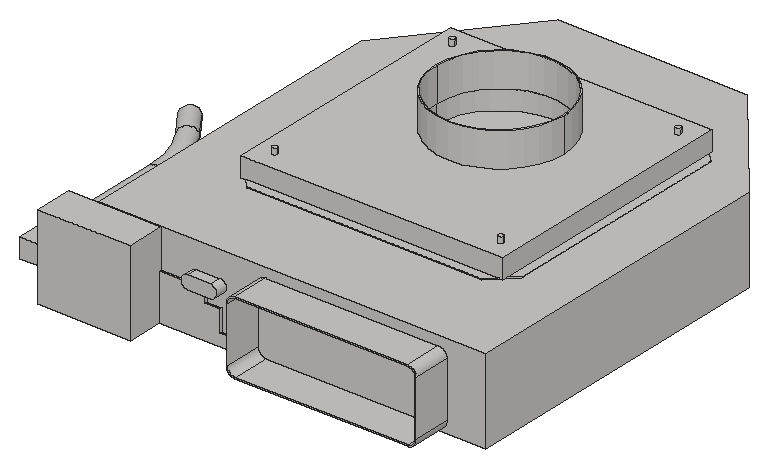
Revit family "AR403722", category Generic Models, Revit 2015
Parameters (values of type "AR403722")
  Width = 451 mm
  URL = "http://www.gaggenau.com."
  Model = "AR403722"
  Manufacturer = "Gaggenau"
  Height = 99 mm
  Unit = Metal Panel
  Description = "Gaggenau Inline blower 400 and 200 series Metal housing 562 CFM Air extraction"
  Depth = 383 mm
Reference planes
  plane 1 "Center (Front/Back)": y = 0
  plane 2: z = 0
  plane 3 "Center (Left/Right)": x = 0
  plane 4: x = -225.5
  plane 5: x = 225.5
  plane 6: z = 99
  plane 7: y = 191.5
  plane 8: y = -191.5
  plane 9: y = 333.5
  plane 10: y = -236.5
  plane 11: z = 122
  plane 12: x = -152.5
  plane 13: x = 152.5
  plane 14: y = 77.384
  plane 15: y = 229.884
  plane 16: y = -75.116
  plane 17: z = 162
  plane 18: z = 128
  plane 19: z = 0
  plane 20: z = 88
  plane 21: x = -284.5
  plane 22: x = 180.5
  plane 23: x = -40.5
  plane 24: z = 3
  plane 25: y = 111.5
Forms (mm)
  Extrusion 1, solid, material "Metal Panel" <- "Unit"
    sketch origin (0, 0, 0) x (1, 0, 0) y (0, 1, 0)
      loop
        line (-225.5, 191.5) -> (-225.5, -191.5) -> (225.5, -191.5) -> (225.5, 191.5) -> (110.511, 333.5) -> (-110.511, 333.5) -> (-225.5, 191.5)
    from 0 to 99
  Extrusion 2, solid, material "Metal Panel" <- "Unit"
    sketch origin (0, 0, 0) x (1, 0, 0) y (0, 1, 0)
      loop
        line (-152.5, 229.884) -> (-152.5, -75.116) -> (152.5, -75.116) -> (152.5, 229.884) -> (-152.5, 229.884)
      loop
        circle (0, 111.5) r 75
    from 99 to 122
  Extrusion 3, solid, material "Metal Panel" <- "Unit"
    sketch origin (0, 0, 0) x (1, 0, 0) y (0, 1, 0)
      loop
        circle (-131.785, 206.678) r 3
      loop
        circle (131.785, 206.678) r 3
      loop
        circle (-131.785, -51.911) r 3
      loop
        circle (131.785, -51.911) r 3
    from 122 to 128
  Extrusion 4, solid, material "Metal Panel" <- "Unit"
    sketch origin (0, 0, 0) x (1, 0, 0) y (0, 0, 1)
      loop
        arc (-30.5, 88) -> (-37.571, 85.071) -> (-40.5, 78) r 10
        line (-40.5, 78) -> (-40.5, 13)
        arc (-40.5, 13) -> (-37.571, 5.929) -> (-30.5, 3) r 10
        line (-30.5, 3) -> (170.5, 3)
        arc (170.5, 3) -> (177.571, 5.929) -> (180.5, 13) r 10
        line (180.5, 13) -> (180.5, 78)
        arc (180.5, 78) -> (177.571, 85.071) -> (170.5, 88) r 10
        line (170.5, 88) -> (-30.5, 88)
      loop
        arc (-30.5, 87) -> (-36.864, 84.364) -> (-39.5, 78) r 9
        line (-39.5, 78) -> (-39.5, 13)
        arc (-39.5, 13) -> (-36.864, 6.636) -> (-30.5, 4) r 9
        line (-30.5, 4) -> (170.5, 4)
        arc (170.5, 4) -> (176.864, 6.636) -> (179.5, 13) r 9
        line (179.5, 13) -> (179.5, 78)
        arc (179.5, 78) -> (176.864, 84.364) -> (170.5, 87) r 9
        line (170.5, 87) -> (-30.5, 87)
    from 191.5 to 236.5
  Extrusion 5, solid, material "Metal Panel" <- "Unit"
    sketch origin (0, 0, 0) x (1, 0, 0) y (0, 0, 1)
      loop
        line (-260, 99) -> (-260, 0) -> (-152.5, 0) -> (-152.5, 99) -> (-260, 99)
    from 191.5 to 236.5
  Extrusion 6, solid, material "Metal Panel" <- "Unit"
    sketch origin (0, 0, 0) x (1, 0, 0) y (0, 0, 1)
      loop
        arc (-110.797, 68.842) -> (-118.297, 61.342) -> (-110.797, 53.842) r 7.5
        line (-110.797, 53.842) -> (-84.477, 53.842)
        arc (-84.477, 53.842) -> (-76.977, 61.342) -> (-84.477, 68.842) r 7.5
        line (-84.477, 68.842) -> (-110.797, 68.842)
    from 191.5 to 204.87
  Extrusion 7, solid, material "Metal Panel" <- "Unit"
    sketch origin (0, 0, 0) x (1, 0, 0) y (0, 0, 1)
      loop
        line (-152.5, 54) -> (-152.5, 0) -> (-56.854, 0) -> (-56.854, 14) -> (-81.854, 14) -> (-81.854, 39) -> (-99.579, 39) -> (-99.579, 54) -> (-152.5, 54)
    from 191.5 to 194.537
  Sweep 8, solid, material "Metal Panel" <- "Unit"
    path origin (0, 0, 0) x (1, 0, 0) y (0, 1, 0)
      loop
        line (-272.241, -212.911) -> (-272.241, -48.899)
        arc (-272.241, -48.899) -> (-278.258, -9.808) -> (-295.751, 25.666) r 130
        line (-295.751, 25.666) -> (-318.127, 57.622)
    profile origin (-272.241, -130.905, 0) x (-1, 0, 0) y (0, 0, 1)
      loop
        circle (0, 47.75) r 11
  Extrusion 9, solid, material "Metal Panel" <- "Unit"
    sketch origin (0, 0, 0) x (0, 1, 0) y (0, 0, 1)
      loop
        line (-231.283, 59.184) -> (-231.283, 36.415) -> (-191.5, 36.415) -> (-191.5, 59.184) -> (-231.283, 59.184)
    from -260 to -284.949
  Extrusion 10, solid, material "Metal Panel" <- "Unit"
    sketch origin (0, 34.116, 0) x (1, 0, 0) y (0, 1, 0)
      loop
        circle (0, 77.384) r 75
      loop
        circle (0, 77.384) r 74
    from 122 to 162
  Extrusion 11, solid, material "Metal Panel" <- "Unit"
    sketch origin (0, 0, -23) x (1, 0, 0) y (0, 1, 0)
      loop
        line (-147.5, 229.884) -> (147.5, 229.884) -> (136.893, 240.49) -> (-136.893, 240.49) -> (-147.5, 229.884)
      loop
        line (-147.5, -75.116) -> (-136.893, -85.723) -> (136.893, -85.723) -> (147.5, -75.116) -> (-147.5, -75.116)
      loop
        line (-152.5, -70.116) -> (-152.5, 224.884) -> (-163.107, 214.277) -> (-163.107, -59.51) -> (-152.5, -70.116)
      loop
        line (152.5, -70.116) -> (163.107, -59.51) -> (163.107, 214.277) -> (152.5, 224.884) -> (152.5, -70.116)
    from 122 to 122.865
Dimensions and locks
  "Width": plane 4 to plane 5
  equal spacing: plane 4, plane 3 "Center (Left/Right)", plane 5
  "Height": plane 6 to level
  equal spacing: plane 7, plane 1 "Center (Front/Back)", plane 8
  "Depth": plane 7 to plane 8
  plane 7 to plane 8 = 383 mm
  plane 9 to plane 7 = 142 mm
  plane 8 to plane 10 = 45 mm
  equal spacing: plane 12, plane 3 "Center (Left/Right)", plane 13
  plane 12 to plane 13 = 305 mm
  equal spacing: plane 15, plane 14, plane 16
  plane 15 to plane 16 = 305 mm
  plane 18 to plane 2 = 128 mm
  plane 9 to plane 14 = 256.116 mm
  plane 9 to plane 25 = 222 mm
  aligned and locked: level to plane 2
Automatic sketch dimensions
  Extrusion 1 sketch curve to plane 4 = 0 mm
  Extrusion 1 sketch curve to plane 9 = 0 mm
  Extrusion 1 sketch curve to plane 5 = 0 mm
  Extrusion 1 sketch curve to plane 8 = 0 mm
  Extrusion 1 sketch curve to plane 7 = 0 mm  (x2)
  plane 12 to Extrusion 1 sketch curve = 41.989 mm
  Extrusion 1 sketch curve to plane 13 = 41.989 mm
  Extrusion 2 sketch curve to plane 12 = 0 mm
  Extrusion 2 sketch curve to plane 3 "Center (Left/Right)" = 0 mm
  Extrusion 2 sketch curve to plane 13 = 0 mm
  Extrusion 2 sketch curve to plane 16 = 0 mm
  plane 25 to Extrusion 2 sketch curve = 0 mm
  Extrusion 2 sketch curve to plane 15 = 0 mm
  plane 12 to Extrusion 3 sketch curve = 20.715 mm  (x2)
  Extrusion 3 sketch curve to plane 13 = 20.715 mm  (x2)
  plane 16 to Extrusion 3 sketch curve = 23.206 mm  (x2)
  plane 7 to Extrusion 3 sketch curve = 15.178 mm  (x2)
  Extrusion 4 sketch curve to Extrusion 4 sketch curve = 0 mm  (x8)
  Extrusion 4 sketch curve to plane 23 = 0 mm
  Extrusion 4 sketch curve to plane 20 = 0 mm
  Extrusion 4 sketch curve to plane 24 = 0 mm
  Extrusion 4 sketch curve to plane 22 = 0 mm
  Extrusion 4 sketch curve to Extrusion 4 sketch curve = 1 mm
  Extrusion 4 sketch curve to Extrusion 4 sketch curve = 9 mm
  plane 23 to Extrusion 4 sketch curve = 10 mm
  Extrusion 4 sketch curve to plane 22 = 10 mm  (x2)
  Extrusion 5 sketch curve to level = 0 mm
  Extrusion 5 sketch curve to plane 6 = 0 mm
  Extrusion 5 sketch curve to plane 12 = 0 mm
  plane 21 to Extrusion 5 sketch curve = 24.5 mm
  plane 20 to Extrusion 6 sketch curve = 19.158 mm
  plane 12 to Extrusion 6 sketch curve = 41.703 mm
  Extrusion 6 sketch curve to Extrusion 6 sketch curve = 26.319 mm
  Extrusion 6 sketch curve to Extrusion 6 sketch curve = 7.5 mm
  Extrusion 7 sketch curve to plane 12 = 0 mm
  Extrusion 7 sketch curve to level = 0 mm
  plane 12 to Extrusion 7 sketch curve = 52.921 mm
  Extrusion 7 sketch curve to plane 24 = 11 mm
  Extrusion 7 sketch curve to Extrusion 7 sketch curve = 17.725 mm
  Extrusion 7 sketch curve to plane 23 = 16.354 mm
  Extrusion 7 sketch curve to Extrusion 7 sketch curve = 25 mm
  Extrusion 7 sketch curve to Extrusion 7 sketch curve = 15 mm
  plane 16 to Sweep 8 sketch curve = 26.217 mm
  Sweep 8 sketch curve to plane 21 = 117.741 mm
  Sweep 8 sketch curve to plane 21 = 11.251 mm
  plane 21 to Sweep 8 sketch curve = 12.259 mm
  Sweep 8 sketch curve to plane 21 = 33.627 mm
  Sweep 8 sketch curve to plane 8 = 21.411 mm
  Sweep 8 sketch curve to plane 14 = 19.762 mm
  Sweep 8 sketch curve to profile plane = 0 mm
  level to Sweep 8 sketch curve = 47.75 mm
  Extrusion 9 sketch curve to plane 8 = 0 mm
  plane 10 to Extrusion 9 sketch curve = 5.217 mm
  Extrusion 9 sketch curve to plane 24 = 33.415 mm
  Extrusion 9 sketch curve to Extrusion 9 sketch curve = 22.77 mm
  Extrusion 10 sketch curve to Extrusion 10 sketch curve = 0 mm  (x12)
  plane 25 to Extrusion 10 sketch curve = 0 mm
  Extrusion 10 sketch curve to plane 3 "Center (Left/Right)" = 0 mm
  Extrusion 10 sketch curve to plane 23 = 33.5 mm
  Extrusion 10 sketch curve to Extrusion 10 sketch curve = 1 mm
  Extrusion 11 sketch curve to plane 12 = 0 mm
  Extrusion 11 sketch curve to plane 16 = 0 mm
  Extrusion 11 sketch curve to plane 15 = 0 mm
  Extrusion 11 sketch curve to plane 13 = 0 mm
  Extrusion 11 sketch curve to plane 12 = 10.607 mm
  plane 12 to Extrusion 11 sketch curve = 5 mm  (x2)
  Extrusion 11 sketch curve to Extrusion 11 sketch curve = 10.607 mm  (x4)
  Extrusion 11 sketch curve to plane 13 = 15.607 mm  (x2)
  Extrusion 11 sketch curve to plane 13 = 5 mm  (x2)
  plane 13 to Extrusion 11 sketch curve = 10.607 mm
  Extrusion 11 sketch curve to plane 16 = 10.607 mm
  plane 16 to Extrusion 11 sketch curve = 5 mm  (x2)
  Extrusion 11 sketch curve to plane 15 = 15.607 mm  (x2)
  Extrusion 11 sketch curve to plane 15 = 5 mm  (x2)
  plane 15 to Extrusion 11 sketch curve = 10.607 mm
  radius of Extrusion 2 sketch curve = 75 mm
  radius of Extrusion 3 sketch curve = 3 mm  (x4)
  radius of Sweep 8 sketch curve = 11 mm
